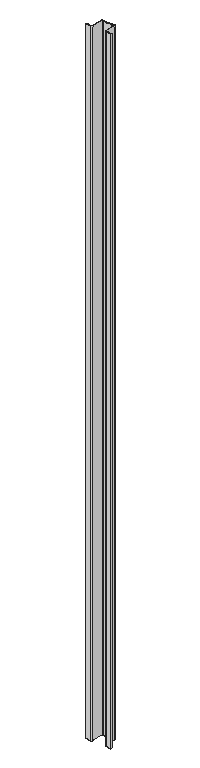
Revit family "Manômetro de luz - Perfis Topper-Coluna", category Pilares estruturais, Revit 2019
Family settings
  Forma do corte = Não definido
  Material para o comportamento do modelo = Aço
  Exportar sempre como geometria = Não
  Redução da viga na planta = Da caixa de vinculação
  Corte com vazios quando carregada = Não
  Representação simbólica = Das configurações de projeto
  Compartilhado = Não
  Exibir o pré-corte da família na vista da planta = Sim
Parameters (values of type "T50x50x1.9")
  ey = 0 mm
  t = 1.9 mm
  r = R - t  # 1.9 mm
  W = 0.00281
  Structural Material [instance] = Aço leve galvaniado
  H = 50 mm
  Type Comments = ""
  R = 2 * t  # 3.8 mm
  d = 25 mm
  B = 50 mm
  Código de montagem = "B10"
  A = 359.00 mm²
Reference planes
  plane 1 "Centro (Frente/Trás)": y = 0
  plane 2: z = 0
  plane 3 "Centro (Esquerda/Direita)": x = 0
  plane 4: y = 0
  plane 5: y = -50
  plane 6: x = 50
  plane 7: x = 26.9
  plane 8: x = -50
  plane 9: x = -26.9
  plane 10: x = -25
  plane 11: x = 25
  plane 12: y = -1.9
  plane 13: y = -48.1
Forms (mm)
  Extrusion 1, solid, material "Aço leve galvaniado" <- "Structural Material", detail levels medium
    sketch origin (0, 0, 0) x (1, 0, 0) y (0, 1, 0)
      loop
        line (-50, -48.1) -> (-50, -50) -> (-25, -50) -> (-25, -1.9) -> (25, -1.9) -> (25, -50) -> (50, -50) -> (50, -48.1) -> (26.9, -48.1) -> (26.9, 0) -> (-26.9, 0) -> (-26.9, -48.1) -> (-50, -48.1)
    from 0 to 2500
  Extrusion 2, solid, material "Aço leve galvaniado" <- "Structural Material", detail levels fine
    sketch origin (0, 0, 0) x (1, 0, 0) y (0, 1, 0)
      loop
        line (-28.8, -48.1) -> (-50, -48.1) -> (-50, -50) -> (-28.8, -50)
        arc (-28.8, -50) -> (-26.113, -48.887) -> (-25, -46.2) r 3.8
        line (-25, -46.2) -> (-25, -3.8)
        arc (-25, -3.8) -> (-24.444, -2.456) -> (-23.1, -1.9) r 1.9
        line (-23.1, -1.9) -> (23.1, -1.9)
        arc (23.1, -1.9) -> (24.444, -2.456) -> (25, -3.8) r 1.9
        line (25, -3.8) -> (25, -46.2)
        arc (25, -46.2) -> (26.113, -48.887) -> (28.8, -50) r 3.8
        line (28.8, -50) -> (50, -50) -> (50, -48.1) -> (28.8, -48.1)
        arc (28.8, -48.1) -> (27.456, -47.544) -> (26.9, -46.2) r 1.9
        line (26.9, -46.2) -> (26.9, -3.8)
        arc (26.9, -3.8) -> (25.787, -1.113) -> (23.1, 0) r 3.8
        line (23.1, 0) -> (-23.1, 0)
        arc (-23.1, 0) -> (-25.787, -1.113) -> (-26.9, -3.8) r 3.8
        line (-26.9, -3.8) -> (-26.9, -46.2)
        arc (-26.9, -46.2) -> (-27.456, -47.544) -> (-28.8, -48.1) r 1.9
    from 0 to 2500
Lines and regions (mm)
  symbolic lines, style "Faces ocultas", detail levels medium+fine
    curve 1: line (-25, -14.287, 2500) -> (-25, -14.287, 0)
    curve 2: line (0, -1.9, 2500) -> (0, -1.9, 0)
    curve 3: line (26.9, 0, 2500) -> (26.9, 0, 0)
    curve 4: line (25, 0, 2500) -> (25, 0, 0)
    curve 5: line (-26.9, 0, 2500) -> (-26.9, 0, 0)
  symbolic lines, style "StructuralColumnStickSymbols", detail levels coarse
    curve 6: line (-50, -50, 0) -> (-26.9, -50, 0)
    curve 7: line (-26.9, -50, 0) -> (-26.9, 0, 0)
    curve 8: line (-26.9, 0, 0) -> (26.9, 0, 0)
    curve 9: line (26.9, 0, 0) -> (26.9, -50, 0)
    curve 10: line (26.9, -50, 0) -> (50, -50, 0)
Dimensions and locks
  equal spacing: plane 9, plane 3 "Centro (Esquerda/Direita)", plane 7
  "t": plane 4 to plane 12
  "t": plane 5 to plane 13
  "t": plane 9 to plane 10
  "t": plane 11 to plane 7
  "H": plane 4 to plane 5
  "d": plane 8 to plane 10
  "d": plane 11 to plane 6
  "B": plane 10 to plane 11
  "ey": plane 1 "Centro (Frente/Trás)" to plane 4
  "r": radius of Extrusion 2 sketch curve  (x4)
  "R": radius of Extrusion 2 sketch curve  (x4)
  aligned and locked: level to plane 2
  aligned and locked: level to curve 1
  aligned and locked: plane 2 to curve 1
  aligned and locked: plane 2 to curve 2
  aligned and locked: level to curve 2
  aligned and locked: plane 2 to curve 3
  aligned and locked: level to curve 3
  aligned and locked: Extrusion 1 sketch curve to plane 8
  aligned and locked: plane 13 to Extrusion 1 sketch curve  (x2)
  aligned and locked: Extrusion 1 sketch curve to plane 9
  aligned and locked: Extrusion 1 sketch curve to plane 4
  aligned and locked: Extrusion 1 sketch curve to plane 7
  aligned and locked: Extrusion 1 sketch curve to plane 6
  aligned and locked: Extrusion 1 sketch curve to plane 5  (x2)
  aligned and locked: plane 11 to Extrusion 1 sketch curve
  aligned and locked: plane 12 to Extrusion 1 sketch curve
  aligned and locked: plane 10 to Extrusion 1 sketch curve
  aligned and locked: Extrusion 1 to plane 2
  aligned and locked: level to Extrusion 1
  aligned and locked: plane 12 to curve 2
  aligned and locked: Extrusion 1 to plane 13
  aligned and locked: Extrusion 1 to Extrusion 2 sketch curve  (x8)
  aligned and locked: Extrusion 2 sketch curve to Extrusion 1  (x4)
  aligned and locked: Extrusion 2 to plane 2
  aligned and locked: level to Extrusion 2
  aligned and locked: plane 2 to curve 4
  aligned and locked: plane 2 to curve 5
  aligned and locked: level to curve 4
  aligned and locked: level to curve 5
  aligned and locked: plane 7 to curve 3
  aligned and locked: plane 11 to curve 4
  aligned and locked: curve 1 to plane 10
  aligned and locked: curve 5 to plane 9
  aligned and locked: plane 5 to curve 6
  aligned and locked: curve 7 to plane 9
  aligned and locked: plane 4 to Extrusion 1
  aligned and locked: curve 9 to plane 7
  aligned and locked: plane 5 to curve 10
  aligned and locked: curve 8 to plane 4
  aligned and locked: plane 8 to curve 6
  aligned and locked: plane 6 to curve 10
Types in the file's own list only (43): name | t | r | W | H | R | B | A
  T50x50x2.28 | 2 mm | 2 mm | 0.00334 | 50 mm | 5 mm | 50 mm | 425.00 mm²
  T50x50x2.66 | 3 mm | 3 mm | 0.00385 | 50 mm | 5 mm | 50 mm | 490.00 mm²
  T50x50x3.04 | 3 mm | 3 mm | 0.00435 | 50 mm | 6 mm | 50 mm | 554.00 mm²
  T50x75x1.9 | 2 mm | 2 mm | 0.00319 | 50 mm | 4 mm | 75 mm | 406.00 mm²
  T50x75x2.28 | 2 mm | 2 mm | 0.00379 | 50 mm | 5 mm | 75 mm | 483.00 mm²
  T50x75x2.66 | 3 mm | 3 mm | 0.00437 | 50 mm | 5 mm | 75 mm | 557.00 mm²
  T50x75x3.04 | 3 mm | 3 mm | 0.00495 | 50 mm | 6 mm | 75 mm | 630.00 mm²
  T50x100x1.9 | 2 mm | 2 mm | 0.00356 | 50 mm | 4 mm | 100 mm | 454.00 mm²
  T50x100x2.28 | 2 mm | 2 mm | 0.00423 | 50 mm | 5 mm | 100 mm | 539.00 mm²
  T50x100x2.66 | 3 mm | 3 mm | 0.00489 | 50 mm | 5 mm | 100 mm | 623.00 mm²
  T50x100x3.04 | 3 mm | 3 mm | 0.00554 | 50 mm | 6 mm | 100 mm | 706.00 mm²
  T50x100x3.42 | 3 mm | 3 mm | 0.00617 | 50 mm | 7 mm | 100 mm | 786.00 mm²
  T100x50x1.9 | 2 mm | 2 mm | 0.00431 | 100 mm | 4 mm | 50 mm | 549.00 mm²
  T100x50x2.28 | 2 mm | 2 mm | 0.00513 | 100 mm | 5 mm | 50 mm | 653.00 mm²
  T100x50x2.66 | 3 mm | 3 mm | 0.00593 | 100 mm | 5 mm | 50 mm | 756.00 mm²
  T100x50x3.04 | 3 mm | 3 mm | 0.00673 | 100 mm | 6 mm | 50 mm | 858.00 mm²
  T100x75x1.9 | 2 mm | 2 mm | 0.00468 | 100 mm | 4 mm | 75 mm | 596.00 mm²
  T100x75x2.28 | 2 mm | 2 mm | 0.00557 | 100 mm | 5 mm | 75 mm | 730.00 mm²
  T100x75x2.66 | 3 mm | 3 mm | 0.00646 | 100 mm | 5 mm | 75 mm | 823.00 mm²
  T100x75x3.04 | 3 mm | 3 mm | 0.00733 | 100 mm | 6 mm | 75 mm | 934.00 mm²
  T100x75x3.42 | 3 mm | 3 mm | 0.00818 | 100 mm | 7 mm | 75 mm | 1043.00 mm²
  T100x100x1.9 | 2 mm | 2 mm | 0.00505 | 100 mm | 4 mm | 100 mm | 644.00 mm²
  T100x100x2.28 | 2 mm | 2 mm | 0.00602 | 100 mm | 5 mm | 100 mm | 767.00 mm²
  T100x100x2.66 | 3 mm | 3 mm | 0.00698 | 100 mm | 5 mm | 100 mm | 889.00 mm²
  T100x100x3.04 | 3 mm | 3 mm | 0.00792 | 100 mm | 6 mm | 100 mm | 1010.00 mm²
  T100x100x3.42 | 3 mm | 3 mm | 0.00886 | 100 mm | 7 mm | 100 mm | 1128.00 mm²
  T100x100x3.8 | 4 mm | 4 mm | 0.00977 | 100 mm | 8 mm | 100 mm | 1245.00 mm²
  T110x50x1.9 | 2 mm | 2 mm | 0.0046 | 110 mm | 4 mm | 50 mm | 587.00 mm²
  T110x50x2.28 | 2 mm | 2 mm | 0.00548 | 110 mm | 5 mm | 50 mm | 699.00 mm²
  T110x50x2.66 | 3 mm | 3 mm | 0.00635 | 110 mm | 5 mm | 50 mm | 809.00 mm²
  T110x50x3.04 | 3 mm | 3 mm | 0.00721 | 110 mm | 6 mm | 50 mm | 918.00 mm²
  T110x50x3.42 | 3 mm | 3 mm | 0.00805 | 110 mm | 7 mm | 50 mm | 1026.00 mm²
  T110x75x1.9 | 2 mm | 2 mm | 0.00498 | 110 mm | 4 mm | 75 mm | 634.00 mm²
  T110x75x2.28 | 2 mm | 2 mm | 0.00593 | 110 mm | 5 mm | 75 mm | 756.00 mm²
  T110x75x2.66 | 3 mm | 3 mm | 0.00687 | 110 mm | 5 mm | 75 mm | 876.00 mm²
  T110x75x3.04 | 3 mm | 3 mm | 0.00781 | 110 mm | 6 mm | 75 mm | 994.00 mm²
  T110x75x3.42 | 3 mm | 3 mm | 0.00872 | 110 mm | 7 mm | 75 mm | 1111.00 mm²
  T110x100x1.9 | 2 mm | 2 mm | 0.00535 | 110 mm | 4 mm | 100 mm | 682.00 mm²
  T110x100x2.28 | 2 mm | 2 mm | 0.00638 | 110 mm | 5 mm | 100 mm | 813.00 mm²
  T110x100x2.66 | 3 mm | 3 mm | 0.0074 | 110 mm | 5 mm | 100 mm | 942.00 mm²
  T110x100x3.04 | 3 mm | 3 mm | 0.0084 | 110 mm | 6 mm | 100 mm | 1070.00 mm²
  T110x100x3.42 | 3 mm | 3 mm | 0.00939 | 110 mm | 7 mm | 100 mm | 1197.00 mm²
  T110x100x3.8 | 4 mm | 4 mm | 0.01037 | 110 mm | 8 mm | 100 mm | 1321.00 mm²
